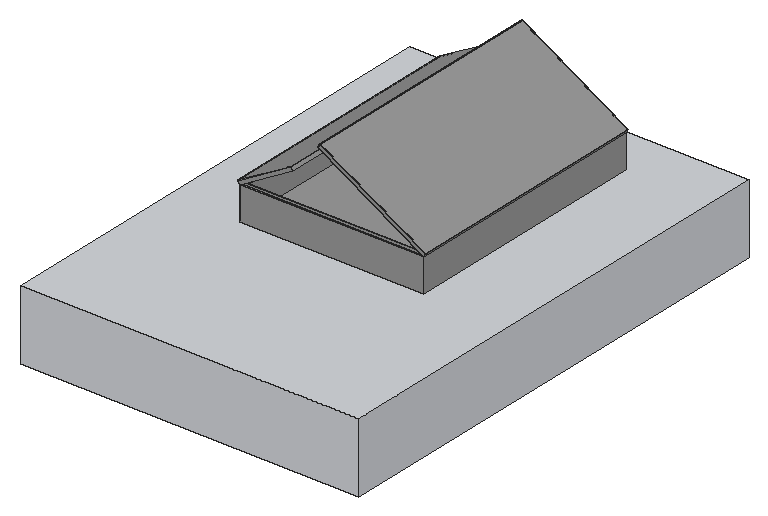
Revit family "Hager-Univers-IP44-D161-H1100-Cl.II-FWQ_encl-AT-de", category Equipement électrique, Revit 2020
Family settings
  Hôte = Face
  Configuration du panneau = Deux colonnes, circuits au sein
  Cote de connecteur circulaire = Utiliser le diamètre
  Type d'élément = Tableau de raccordement
  Couper avec des vides une fois chargée = Non
  Partagée = Non
  Point de calcul de pièce = Non
Parameters (values of type "Aufputz IP44 B800 H1100 T161  - FWQ73P")
  Width Control [instance] = if([EF000008 - Breite] > Min Width, [EF000008 - Breite], Min Width)  # 800 mm
  Commentaires du type = [HG000003 - Bereich]  # "Univers"
  Thickness Door [instance] = if([EF009171 - Materialstärke Tür/Deckel] > 3 mm, 3 mm, [EF009171 - Materialstärke Tür/Deckel])  # 2 mm
  Seal Frame Offset [instance] = 17 mm  # constant formula
  Plinth Visibility [instance] = [HG000027 - Sockelhöhe] > 0 mm  # no
  Model = ""
  Min Width [instance] = 100 mm  # constant formula
  Min Height [instance] = 100 mm  # constant formula
  Min Depth [instance] = (2 * [EF009170 - Materialstärke Gehäuse]) + 1 mm  # 5 mm
  Internal Frame Depth [instance] = (Door System Depth * 0.5)  # 9 mm
  Height Control [instance] = if([EF000040 - Höhe] > Min Height, [EF000040 - Höhe], Min Height)  # 1100 mm
  HG000027 - Sockelhöhe = 0 mm
  HG000026 - Stehend auf dem Boden = no
  HG000024 - Höhe des unteren Teils = 800 mm
  HG000023 - Gehäuse mit doppeltem Querschnitt = no
  HG000016 - 3D-Türsichtbarkeit [instance] = yes
  HG000015 - Sichtbarkeit der Türöffnung [instance] = no
  HG000014 - Tür rechts [instance] = yes
  HG000013 - Tür links [instance] = not([HG000014 - Tür rechts])  # no
  HG000012 - Türschwenkwinkel [instance] = 30.00°
  HG000010 - Asymmetrische Türen = yes
  HG000009 - Doppelflügeligen Tür = yes
  HG000006 - Unterputz = no
  HG000004 - Herstellerreferenz = "FWQ73P"
  HG000003 - Bereich = "Univers"
  HG000002 - Mit tür = yes
  Frame Offset Bottom [instance] = 10 mm  # constant formula
  Frame Offset [instance] = 15 mm  # constant formula
  EF015940 - Deckel mit Überdruckentlastung = no
  EF011959 - Schutzart (NEMA) = ""
  EF009554 - Anzahl der Öffnungen für Flanschplatten = 6
  Fabricant = "Hager"  # constant formula
  EF009212 - Ausführung Deckel = "EV009916 - mit Ausschnitt"
  EF009171 - Materialstärke Tür/Deckel = 2 mm
  EF009170 - Materialstärke Gehäuse = 2 mm
  EF008873 - Nennstrom (In) = 125 A
  EF007800 - Geeignet für Blitzschutz = no
  EF006306 - Mit Schloss = no
  EF006244 - Transparenter Deckel/Tür = no
  EF005474 - Schutzart (IP) = "EV006418 - IP44"
  EF004464 - Art der Tür = "EV002646 - Einzel"
  EF004427 - Anzahl der Module = 252
  EF004293 - Schlagfestigkeit = "EV006815 - IK09"
  EF003532 - Geeignet für Außengebrauch = no
  EF002950 - Breite in Teilungseinheiten = 12
  EF001613 - Funktionserhalt = "EV000494 - ohne"
  EF001596 - Werkstoff des Gehäuses = "EV000179 - Stahl"
  EF001131 - Innentiefe = 161 mm
  EF001088 - Anbaumöglichkeit = yes
  EF000437 - Anzahl der Leitungseinführungen = 12
  EF000339 - Art der Abdeckung = "EV001012 - Deckel"
  EF000266 - Anzahl der Reihen = 21
  EF000218 - Einbautiefe = 0 mm
  EF000118 - Mit Montageplatte = yes
  EF000116 - RAL-Nummer = "9010"
  EF000049 - Tiefe = 161 mm
  EF000040 - Höhe = 1100 mm
  EF000008 - Breite = 800 mm
  EF000007 - Farbe = "EV000202 - weiß"
  EF000003 - Montageart = "EV000384 - Aufputz"
  Door System Leaf Tolerance [instance] = 1.5 mm  # constant formula
  Door System Depth [instance] = 18 mm  # constant formula
  Door Height [instance] = Height Control - [HG000027 - Sockelhöhe]  # 1100 mm
  Depth Control [instance] = if([EF000049 - Tiefe] > Min Depth, [EF000049 - Tiefe], Min Depth)  # 161 mm
  Default Elevation = 0 mm
  Connector Offset [instance] = Height Control / 2  # 550 mm
  Bottom Top Plate Trim [instance] = 1.5 mm  # constant formula
  Plinth height Ctrl [instance] = if([HG000027 - Sockelhöhe] > 0 mm, [HG000027 - Sockelhöhe], 12 mm)  # 12 mm
Types (4, lengths in mm): name | Width Control | HG000010 - Asymmetrische Türen | HG000009 - Doppelflügeligen Tür | HG000004 - Herstellerreferenz | EF009554 - Anzahl der Öffnungen für Flanschplatten | EF004427 - Anzahl der Module | EF000437 - Anzahl der Leitungseinführungen | EF000266 - Anzahl der Reihen | EF000008 - Breite
  Aufputz IP44 B1050 H1100 T161  - FWQ74P | 1050 | no | yes | "FWQ74P" | 8 | 336 | 16 | 28 | 1050
  Aufputz IP44 B300 H1100 T161  - FWQ71P | 300 | no | no | "FWQ71P" | 2 | 84 | 4 | 1 | 300
  Aufputz IP44 B550 H1100 T161  - FWQ72P | 550 | no | no | "FWQ72P" | 4 | 168 | 8 | 14 | 550
  Aufputz IP44 B800 H1100 T161  - FWQ73P | 800 | yes | yes | "FWQ73P" | 6 | 252 | 12 | 21 | 800
Reference planes
  plane 1 "Center (Front/Back)": y = 0
  plane 2: z = 0
  plane 3 "Center (Left/Right)": x = 0
  plane 4: z = 161
  plane 5: y = 2
  plane 6: y = 550
  plane 7: y = 0
  plane 8: y = 1100
  plane 9: z = 0
  plane 10: x = -385
  plane 11: x = 385
  plane 12: x = 383
  plane 13: x = -383
  plane 14: y = 1098
  plane 15: x = -383
  plane 16: x = -400
  plane 17: x = 383
  plane 18: x = 400
  plane 19: x = 398
  plane 20: x = -398
  plane 21: y = 12
  plane 22: y = 1100
  plane 23: y = 1083
  plane 24: z = 143
  plane 25: z = 2
  plane 26: z = 141
  plane 27: z = 159
Forms (mm)
  Extrusion 1, solid
    sketch origin (0, 0, 0) x (1, 0, 0) y (0, 1, 0)
      loop
        line (-702.964, 1305) -> (-702.964, -811.445) -> (766.763, -811.445) -> (766.763, 1305) -> (-702.964, 1305)
    from 0 to -304.8
  Extrusion 2, solid, material "Hager_Steel_RAL7035_Light_Grey", visible <- "Plinth Visibility", detail levels medium+fine
    sketch origin (0, 0, 0) x (1, 0, 0) y (0, 1, 0)
      loop
        line (-400, 0) -> (400, 0) -> (400, 12) -> (-400, 12) -> (-400, 0)
    from 0 to 143
  Extrusion 3, solid, material "Hager_Steel_RAL7035_Light_Grey", detail levels medium+fine
    sketch origin (0, 0, 0) x (1, 0, 0) y (0, 1, 0)
      loop
        line (-400, 0) -> (400, 0) -> (400, 1100) -> (-400, 1100) -> (-400, 0)
    from 0 to 143
  Extrusion 4, void
    sketch origin (0, 0, 0) x (1, 0, 0) y (0, 1, 0)
      loop
        line (-398, 2) -> (398, 2) -> (398, 1098) -> (-398, 1098) -> (-398, 2)
    from 2 to 141
  Extrusion 5, void
    sketch origin (-381.607, -4572, 143) x (0, -1, 0) y (-1, 0, 0)
      loop
        line (-4584, 1.393) -> (-5655, 1.393) -> (-5655, -764.607) -> (-4584, -764.607) -> (-4584, 1.393)
    from 0 to 2 <- "EF009170 - Materialstärke Gehäuse"
  Extrusion 6, solid, material "Hager_Steel_RAL7035_Light_Grey", detail levels fine
    sketch origin (0, 0, 143) x (1, 0, 0) y (0, 1, 0)
      loop
        line (-383, 1083) -> (-383, 12) -> (383, 12) -> (383, 1083) -> (-383, 1083)
      loop
        line (-385, 10) -> (385, 10) -> (385, 1085) -> (-385, 1085) -> (-385, 10)
    from 0 to 9 <- "Internal Frame Depth"
  Extrusion 7, solid, material "Hager_Steel_RAL7035_Light_Grey", detail levels coarse
    sketch origin (0, 0, 0) x (1, 0, 0) y (0, 1, 0)
      loop
        line (-400, 0) -> (400, 0) -> (400, 1100) -> (-400, 1100) -> (-400, 0)
    from 0 to 161
  Sweep 8, void
    path in 3D
      loop
        line (-400, 12, 0) -> (400, 12, 0) -> (400, 12, 143) -> (-400, 12, 143) -> (-400, 12, 0)
    profile origin (-400, 12, 71.5) x (-1, 0, 0) y (0, -1, 0)
      loop
        line (0, 0) -> (0, 1.5) -> (-1.5, 1.5)
        arc (-1.5, 1.5) -> (-1.061, 0.439) -> (0, 0) r 1.5
Cuts and joins
  Extrusion 4, Extrusion 5 cuts Extrusion 3
  Sweep 8 cuts Extrusion 2
Lines and regions (mm)
  Masking region 1
    outline origin (0, 0, 0) x (1, 0, 0) y (0, 0, 1)
      loop
        line (-400, 161) -> (-400, 0) -> (400, 0) -> (400, 161) -> (-400, 161)
  Masking region 2, detail levels medium+fine
    outline origin (0, 140, 0) x (0, 1, 0) y (0, 0, 1)
      loop
        line (-140, 0) -> (960, 0) -> (960, 143) -> (-140, 143) -> (-140, 0)
  Masking region 3, not visible, detail levels medium+fine
    outline origin (0, 297.922, 0) x (0, 1, 0) y (0, 0, 1)
      loop
        line (263.578, 0) -> (303.578, 0) -> (303.578, 149)
        arc (303.578, 149) -> (300.649, 156.071) -> (293.578, 159) r 10
        line (293.578, 159) -> (263.578, 159) -> (263.578, 0)
  Masking region 4, detail levels coarse
    outline origin (0, 0, 180) x (0, 1, 0) y (0, 0, 1)
      loop
        line (0, -180) -> (1100, -180) -> (1100, -19) -> (0, -19) -> (0, -180)
  Masking region 5, visible <- "Plinth Visibility", detail levels medium+fine
    outline origin (0, 52.24, 12.345) x (0, 0, -1) y (0, 1, 0)
      loop
        line (10.845, -40.24) -> (-129.155, -40.24)
        arc (-129.155, -40.24) -> (-129.594, -41.301) -> (-130.655, -41.74) r 1.5
        line (-130.655, -41.74) -> (-130.655, -52.24) -> (12.345, -52.24) -> (12.345, -41.74)
        arc (12.345, -41.74) -> (11.285, -41.301) -> (10.845, -40.24) r 1.5
  Masking region 6, detail levels medium+fine
    outline origin (-381.607, -4572, 143) x (-1, 0, 0) y (0, -1, 0)
      loop
        line (18.393, -5672) -> (18.393, -4572) -> (-781.607, -4572) -> (-781.607, -5672) -> (18.393, -5672)
  Masking region 7, visible <- "Plinth Visibility", detail levels medium+fine
    outline origin (-381.607, -4727, 143) x (-1, 0, 0) y (0, -1, 0)
      loop
        arc (16.893, -4739) -> (17.332, -4737.939) -> (18.393, -4737.5) r 1.5
        line (18.393, -4737.5) -> (18.393, -4727) -> (-781.607, -4727) -> (-781.607, -4737.5)
        arc (-781.607, -4737.5) -> (-780.546, -4737.939) -> (-780.107, -4739) r 1.5
        line (-780.107, -4739) -> (16.893, -4739)
  Masking region 8, detail levels coarse
    outline origin (-442.548, -4669.526, 143) x (-1, 0, 0) y (0, -1, 0)
      loop
        line (-42.548, -5769.526) -> (-42.548, -4669.526) -> (-842.548, -4669.526) -> (-842.548, -5769.526) -> (-42.548, -5769.526)
  sketch lines
    curve 1: line (-400, 12, 143) -> (-400, 12, 0)
    curve 2: line (400, 12, 143) -> (-400, 12, 143)
    curve 3: line (400, 12, 143) -> (400, 12, 0)
    curve 4: line (-400, 12, 0) -> (400, 12, 0)
Dimensions and locks
  "Depth Control": plane 4 to Extrusion 1
  "HG000027 - Sockelhöhe": plane 1 "Center (Front/Back)" to plane 7
  "EF009170 - Materialstärke Gehäuse": plane 5 to plane 7
  locked: connector elem to plane 3 "Center (Left/Right)"
  equal spacing: plane 8, plane 6, plane 7
  locked: connector elem to plane 6
  "EF009170 - Materialstärke Gehäuse": plane 8 to plane 14
  "EF009170 - Materialstärke Gehäuse": plane 10 to plane 13
  "EF009170 - Materialstärke Gehäuse": plane 12 to plane 11
  "Frame Offset": plane 20 to plane 13
  "Frame Offset": plane 12 to plane 19
  "EF009170 - Materialstärke Gehäuse": plane 16 to plane 20
  "EF009170 - Materialstärke Gehäuse": plane 19 to plane 18
  "Seal Frame Offset": plane 16 to plane 15
  "Seal Frame Offset": plane 17 to plane 18
  "Frame Offset Bottom": plane 21 to plane 5
  "Frame Offset": plane 14 to plane 23
  equal spacing: plane 16, plane 3 "Center (Left/Right)", plane 18
  "Width Control": plane 16 to plane 18
  "EF009170 - Materialstärke Gehäuse": plane 4 to plane 27
  "EF009170 - Materialstärke Gehäuse": plane 24 to plane 26
  "EF009170 - Materialstärke Gehäuse": plane 25 to level
  "Door System Depth": plane 4 to plane 24
  "Height Control": plane 1 "Center (Front/Back)" to Extrusion 7 sketch curve
  "Height Control": Masking region 4 sketch curve to plane 1 "Center (Front/Back)"
  "Height Control": plane 1 "Center (Front/Back)" to plane 22
  "Bottom Top Plate Trim": profile plane to Sweep 8 sketch curve
  "Bottom Top Plate Trim": Sweep 8 sketch curve to profile plane
  "Plinth height Ctrl": plane 1 "Center (Front/Back)" to Extrusion 2 sketch curve
  "Plinth height Ctrl": Masking region 5 sketch curve to plane 1 "Center (Front/Back)"
  "Plinth height Ctrl": plane 1 "Center (Front/Back)" to Masking region 7 sketch curve
  "Thickness Door": Extrusion 6 sketch curve to Extrusion 6 sketch curve  (x3)
  "Thickness Door": cut or joined group of Extrusion 3, Extrusion 4, Extrusion 5 to Extrusion 6 sketch curve
  radius of Masking region 3 sketch curve = 10 mm
  "Bottom Top Plate Trim": radius of Masking region 5 sketch curve  (x2)
  "Bottom Top Plate Trim": radius of Sweep 8 sketch curve
  "Bottom Top Plate Trim": radius of Masking region 7 sketch curve  (x2)
  aligned and locked: plane 2 to Extrusion 1
  aligned and locked: level to Extrusion 1
  aligned and locked: level to Masking region 1 sketch curve
  aligned and locked: Masking region 1 sketch curve to plane 18
  aligned and locked: Masking region 1 sketch curve to plane 16
  aligned and locked: plane 7 to Masking region 2 sketch curve
  aligned and locked: level to Masking region 3 sketch curve
  aligned and locked: Masking region 3 sketch curve to plane 27
  aligned and locked: level to Masking region 2 sketch curve
  aligned and locked: plane 1 "Center (Front/Back)" to Extrusion 2 sketch curve
  aligned and locked: Extrusion 3 sketch curve to plane 7
  aligned and locked: plane 16 to Extrusion 3 sketch curve
  aligned and locked: plane 18 to Extrusion 3 sketch curve
  aligned and locked: plane 20 to Extrusion 4 sketch curve
  aligned and locked: plane 19 to Extrusion 4 sketch curve
  aligned and locked: Extrusion 4 sketch curve to plane 5
  aligned and locked: Extrusion 4 to plane 25
  aligned and locked: plane 26 to Extrusion 4
  aligned and locked: plane 24 to Extrusion 3
  aligned and locked: Extrusion 5 sketch curve to plane 21
  aligned and locked: Extrusion 5 sketch curve to plane 13
  aligned and locked: Extrusion 5 sketch curve to plane 12
  aligned and locked: plane 18 to Extrusion 7 sketch curve
  aligned and locked: plane 1 "Center (Front/Back)" to Extrusion 7 sketch curve
  aligned and locked: plane 16 to Extrusion 7 sketch curve
  aligned and locked: plane 4 to Extrusion 7
  aligned and locked: Extrusion 7 to level
  aligned and locked: level to Masking region 4 sketch curve
  aligned and locked: Masking region 4 sketch curve to plane 1 "Center (Front/Back)"
  aligned and locked: Masking region 4 sketch curve to plane 4
  aligned and locked: nested 1 to level
  aligned and locked: nested 1 to plane 16
  aligned and locked: plane 8 to Extrusion 3 sketch curve
  aligned and locked: plane 23 to Extrusion 5 sketch curve
  aligned and locked: plane 14 to Extrusion 4 sketch curve
  aligned and locked: Masking region 2 sketch curve to plane 8
  aligned and locked: level to Masking region 5 sketch curve
  aligned and locked: plane 16 to Extrusion 2 sketch curve
  aligned and locked: plane 18 to Extrusion 2 sketch curve
  aligned and locked: Masking region 5 sketch curve to plane 24
  aligned and locked: Masking region 2 sketch curve to plane 24
  aligned and locked: plane 24 to Extrusion 2
  aligned and locked: profile plane to Sweep 8 sketch curve  (x2)
  aligned and locked: Masking region 6 sketch curve to plane 18
  aligned and locked: Masking region 6 sketch curve to plane 22
  aligned and locked: Masking region 6 sketch curve to plane 16
  aligned and locked: plane 8 to plane 22
  aligned and locked: Masking region 6 sketch curve to plane 7
  aligned and locked: Masking region 7 sketch curve to plane 16
  aligned and locked: Masking region 7 sketch curve to plane 1 "Center (Front/Back)"
  aligned and locked: Masking region 7 sketch curve to plane 18
  aligned and locked: Masking region 8 sketch curve to plane 1 "Center (Front/Back)"
  aligned and locked: Masking region 8 sketch curve to plane 18
  aligned and locked: Masking region 8 sketch curve to plane 22
  aligned and locked: Masking region 8 sketch curve to plane 16
  aligned and locked: nested 2 to plane 7
  aligned and locked: plane 3 "Center (Left/Right)" to nested 2
  aligned and locked: nested 2 to plane 24
  aligned and locked: Extrusion 6 sketch curve to cut or joined group of Extrusion 3, Extrusion 4, Extrusion 5  (x4)
Automatic sketch dimensions
  Extrusion 1 sketch curve to Extrusion 1 sketch curve = 1469.727 mm
  Extrusion 1 sketch curve to Extrusion 1 sketch curve = 2116.445 mm
  Masking region 1 sketch curve to plane 4 = 0 mm
  plane 6 to Masking region 3 sketch curve = 11.5 mm
  Masking region 3 sketch curve to Masking region 3 sketch curve = 30 mm
  Masking region 5 sketch curve to plane 1 "Center (Front/Back)" = 0 mm
Nested families
  nested 1: "Hager_Enclosure_Symbol" at (-400, 0, 0) x (1, 0, 0) z (0, -1, 0), Height <- "Depth Control", Width <- "Width Control", type "Hager_Enclosure_Symbol"
    with Width_Ctrl 800 mm, Width 800 mm, Height_Ctrl 161 mm, Height 161 mm, A_Width_Int 10.566 mm, A_Width 126.788 mm, A_Height_Ctrl 140.875 mm, A_Height 140.875 mm
  nested 2: "EC000058_Univers_Door" at (0, 0, 143) x (1, 0, 0) z (0, 1, 0), Leaf_Tolerance <- "Door System Leaf Tolerance", Angle <- "HG000012 - Türschwenkwinkel", Door_Depth <- "Door System Depth", Door_Left <- "HG000013 - Tür links", Transparent <- "EF006244 - Transparenter Deckel/Tür", Assymetrical <- "HG000010 - Asymmetrische Türen", Width <- "Width Control", Clearance <- "HG000015 - Sichtbarkeit der Türöffnung", Double <- "HG000009 - Doppelflügeligen Tür", 3d_Door <- "HG000016 - 3D-Türsichtbarkeit", Lock_Visibility <- "EF006306 - Mit Schloss", Width_Ctrl <- "Width Control", Door_Right <- "HG000014 - Tür rechts", Door <- "HG000002 - Mit tür", Height <- "Door Height", Thickness <- "Thickness Door", type "EC000058_Univers_Door", detail levels medium+fine
    with min_wh 5 mm, Width_Ctrl 800 mm, Width 800 mm, Transparent no, Thickness 2 mm, Seal_Material Hager_Rubber, Lock_Visibility no, Lock_Material Hager_Plastic_RAL9005_Jet_Black, Leaf_Width 800 mm, Leaf_Tolerance_External_Sides 0 mm, Leaf_Tolerance 1.5 mm, Leaf_Offset 0 mm, Leaf_Height 1097 mm, Leaf_2_Width 532.583 mm, Leaf_2_Offset 266.292 mm, Leaf_1_Width 265.917 mm, Leaf_1_Offset 132.958 mm, Height_Ctrl 1100 mm, Height 1100 mm, Glass_Material Hager_Glass, Double_Clearance_Ctrl no, Double yes, Door_Right_Ctrl yes, Door_Right yes, Door_Material Hager_Steel_RAL7035_Light_Grey, Door_Left_Ctrl yes, Door_Left no, Door_Depth 18 mm, Door yes, Clearance_Material Hager_Clearance, Clearance_Depth 532.583 mm, Clearance_Ctrl no, Clearance no, Assymetrical yes, Angle 30.00°, 3d_Door yes
Connectors
  electrical at (0, 550, 0)
    settings: on plane 9, index 1, voltage 0 V, apparent load 0 VA, apparent load phase1 0 VA, apparent load phase2 0 VA, apparent load phase3 0 VA, power factor 1, load classification "Other", number of poles 1, system type 30, power factor state 1, is connector primary yes, connector utility no, sub classification motor no, connector description ""
Definition of nested family "EC000058_Univers_Door"
  Parameters (values of type "EC000058_Univers_Door")
    min_wh [instance] = (2 * Thickness) + 1 mm  # 11 mm
    Width_Ctrl [instance] = 400 mm
    Width [instance] = 500 mm
    Transparent [instance] = yes
    Thickness [instance] = 5 mm
    Seal_Material [instance] = none
    Lock_Visibility [instance] = yes
    Lock_Material [instance] = none
    Leaf_Width [instance] = if((Width_Ctrl - 2 * Leaf_Tolerance_External_Sides) > 0 mm, (Width_Ctrl - 2 * Leaf_Tolerance_External_Sides), min_wh)  # 400 mm
    Leaf_Tolerance_External_Sides [instance] = 0 mm  # constant formula
    Leaf_Tolerance [instance] = 1.5 mm
    Leaf_Offset [instance] = 0 mm  # constant formula
    Leaf_Height [instance] = if((Height_Ctrl - 2 * Leaf_Tolerance) > 0 mm, (Height_Ctrl - 2 * Leaf_Tolerance), min_wh)  # 497 mm
    Leaf_2_Width [instance] = if(and(and(Double, Assymetrical), Door_Left), (Leaf_Width / 3) - (Leaf_Tolerance / 2), if(and(and(Double, Assymetrical), Door_Right), (Leaf_Width / 3) * 2 - (Leaf_Tolerance / 2), if(and(Double, not(Assymetrical)), (Leaf_Width / 2) - Leaf_Tolerance, Leaf_Width)))  # 400 mm
    Leaf_2_Offset [instance] = if(and(Double, Assymetrical), Leaf_2_Width / 2, if(and(Double, not(Assymetrical)), Leaf_Width / 4, Leaf_Width / 2))  # 200 mm
    Leaf_1_Width [instance] = if(and(and(Double, Assymetrical), Door_Right), (Leaf_Width / 3) - (Leaf_Tolerance / 2), if(and(and(Double, Assymetrical), Door_Left), (Width / 3) * 2 - (Leaf_Tolerance / 2), if(and(Double, not(Assymetrical)), (Leaf_Width / 2) - Leaf_Tolerance, Leaf_Width)))  # 400 mm
    Leaf_1_Offset [instance] = if(and(Double, Assymetrical), Leaf_1_Width / 2, if(and(Double, not(Assymetrical)), Leaf_Width / 4, Leaf_Width / 2))  # 200 mm
    Height_Ctrl [instance] = if(Height > min_wh, Height, min_wh)  # 500 mm
    Height [instance] = 500 mm
    Glass_Material [instance] = none
    Double_Clearance_Ctrl [instance] = and(Double, Clearance)  # no
    Double [instance] = no
    Door_Right_Ctrl [instance] = and(or(Door_Right, Double), Door)  # yes
    Door_Right [instance] = yes
    Door_Material [instance] = none
    Door_Left_Ctrl [instance] = and(or(Door_Left, Double), Door)  # no
    Door_Left [instance] = no
    Door_Depth [instance] = 30 mm
    Door [instance] = yes
    Default Elevation = 1219.2 mm
    Clearance_Material [instance] = none
    Clearance_Depth [instance] = if(Leaf_1_Width > Leaf_2_Width, Leaf_1_Width, Leaf_2_Width)  # 400 mm
    Clearance_Ctrl [instance] = and(not(Double), Clearance)  # yes
    Clearance [instance] = yes
    Assymetrical [instance] = yes
    Angle [instance] = 30.00°
    3d_Door [instance] = yes
  Reference planes
    plane 1 "Center (Front/Back)": y = 0
    plane 2 "Bottom": z = 0
    plane 3 "Center (Left/Right)": x = 0
    plane 4: z = 500
    plane 5: x = -200
    plane 6: x = 200
    plane 7: z = 500
    plane 8: x = -200
    plane 9: z = 0
    plane 10: x = 200
    plane 11: y = 0
    plane 12: z = 1.5
    plane 13: x = -600
    plane 14: y = -400
    plane 15: x = 600
    plane 16: x = 0
    plane 17: x = 0
    plane 18: x = -200
    plane 19: x = 200
    plane 20: z = 498.5
  Forms (mm)
    Extrusion 1, solid, material <- "Clearance_Material", visible <- "Double_Clearance_Ctrl"
      sketch origin (1200, 0, 0) x (1, 0, 0) y (0, 0, -1)
        loop
          line (-1800, -498.5) -> (-600, -498.5) -> (-600, 0) -> (-1800, 0) -> (-1800, -498.5)
      from 0 to -400
  Dimensions and locks
    equal spacing: plane 5, plane 3 "Center (Left/Right)", plane 6
    "Width_Ctrl": plane 5 to plane 6
    "Leaf_Offset": plane 5 to plane 8
    "Leaf_Offset": plane 6 to plane 10
    "Leaf_Offset": plane 9 to level
    "Leaf_Offset": plane 4 to plane 7
    "Height_Ctrl": plane 4 to level
    "Leaf_Tolerance": plane 12 to plane 9
    locked: plane 11 to plane 1 "Center (Front/Back)"
    "Leaf_1_Offset": plane 18 to plane 16
    "Leaf_2_Offset": plane 17 to plane 19
    "Leaf_1_Width": plane 13 to plane 8
    "Leaf_2_Width": plane 10 to plane 15
    "Clearance_Depth": plane 14 to plane 1 "Center (Front/Back)"
    "Leaf_Tolerance_External_Sides": plane 8 to plane 18
    "Leaf_Tolerance_External_Sides": plane 19 to plane 10
    "Leaf_Tolerance": plane 7 to plane 20
    aligned and locked: level to plane 2 "Bottom"
    aligned and locked: nested 1 to plane 16
    aligned and locked: nested 2 to plane 17
    aligned and locked: Extrusion 1 to plane 13
    aligned and locked: plane 15 to Extrusion 1
    aligned and locked: Extrusion 1 to plane 14
    aligned and locked: plane 12 to nested 1
    aligned and locked: nested 2 to plane 12
    aligned and locked: Extrusion 1 to plane 11
    aligned and locked: plane 20 to Extrusion 1
    aligned and locked: nested 2 to plane 11
    aligned and locked: nested 1 to plane 11
  Automatic sketch dimensions
    Extrusion 1 sketch curve to level = 0 mm
    plane 5 to Extrusion 1 sketch curve = 400 mm
    plane 6 to Extrusion 1 sketch curve = 400 mm
    Extrusion 1 sketch curve to plane 4 = 1.5 mm
  Nested families
    nested 1: "EC000058_Univers_Door_Leaf" at (0, 0, 1.5), Width <- "Leaf_1_Width", visible <- "Door_Left_Ctrl", Leaf_Height <- "Leaf_Height", Angle <- "Angle", 3d_Door <- "3d_Door", Transparent <- "Transparent", Clearance Material <- "Clearance_Material", Clearance <- "Clearance_Ctrl", Door_Material <- "Door_Material", Glass_Material <- "Glass_Material", Door_Depth <- "Door_Depth", Lock_Material <- "Lock_Material", Seal_Material <- "Seal_Material", Lock_Visibility <- "Lock_Visibility", Thickness <- "Thickness", type "EC000058_Univers_Door_Leaf"
      with Width 400 mm, Transparent_Glass_Offset 30 mm, Transparent_Ctrl yes, Transparent yes, Thickness 5 mm, Standard no, Seal_Material none, Seal_D2 8 mm, Seal_D1 1 mm, Offset_Internal_Frame 10 mm, Lock_Width 20 mm, Lock_Visibility_3d yes, Lock_Visibility yes, Lock_Thickness_3 3 mm, Lock_Thickness_2 1 mm, Lock_Thickness_1 3 mm, Lock_Radius_Offset_2 16 mm, Lock_Radius_Offset_1 15 mm, Lock_Radius_2 5 mm, Lock_Radius 6 mm, Lock_Offset 5 mm, Lock_Material none, Lock_Height 80 mm, Lock_Cover_Top_Offset_2d 17 mm, Lock_Cover_Height -65 mm, Leaf_Height 497 mm, Internal_Seal_Thickness 8 mm, Internal_Seal_Depth_2 4.5 mm, Internal_Frame_Depth 25 mm, Glass_Thickness -1 mm, Glass_Offset -2 mm, Glass_Material none, Door_Material none, Door_Depth 30 mm, Clearance Material none, Clearance yes, Angle_Ctrl 30.00°, Angle 30.00°, 3d_Door yes
    nested 2: "EC000058_Univers_Door_Leaf" at (0, 0, 1.5) x (-1, 0, 0) z (0, 0, 1), Width <- "Leaf_2_Width", visible <- "Door_Right_Ctrl", Leaf_Height <- "Leaf_Height", Angle <- "Angle", 3d_Door <- "3d_Door", Transparent <- "Transparent", Clearance Material <- "Clearance_Material", Clearance <- "Clearance_Ctrl", Door_Material <- "Door_Material", Glass_Material <- "Glass_Material", Door_Depth <- "Door_Depth", Lock_Material <- "Lock_Material", Seal_Material <- "Seal_Material", Lock_Visibility <- "Lock_Visibility", Thickness <- "Thickness", type "EC000058_Univers_Door_Leaf"
      with Width 400 mm, Transparent_Glass_Offset 30 mm, Transparent_Ctrl yes, Transparent yes, Thickness 5 mm, Standard no, Seal_Material none, Seal_D2 8 mm, Seal_D1 1 mm, Offset_Internal_Frame 10 mm, Lock_Width 20 mm, Lock_Visibility_3d yes, Lock_Visibility yes, Lock_Thickness_3 3 mm, Lock_Thickness_2 1 mm, Lock_Thickness_1 3 mm, Lock_Radius_Offset_2 16 mm, Lock_Radius_Offset_1 15 mm, Lock_Radius_2 5 mm, Lock_Radius 6 mm, Lock_Offset 5 mm, Lock_Material none, Lock_Height 80 mm, Lock_Cover_Top_Offset_2d 17 mm, Lock_Cover_Height -65 mm, Leaf_Height 497 mm, Internal_Seal_Thickness 8 mm, Internal_Seal_Depth_2 4.5 mm, Internal_Frame_Depth 25 mm, Glass_Thickness -1 mm, Glass_Offset -2 mm, Glass_Material none, Door_Material none, Door_Depth 30 mm, Clearance Material none, Clearance yes, Angle_Ctrl 30.00°, Angle 30.00°, 3d_Door yes
  Definition of nested family "EC000058_Univers_Door_Leaf"
    Parameters (values of type "EC000058_Univers_Door_Leaf")
      Width [instance] = 2000 mm
      Transparent_Glass_Offset [instance] = 30 mm
      Transparent_Ctrl [instance] = and(Transparent, [3d_Door])  # yes
      Transparent [instance] = yes
      Thickness [instance] = 5 mm
      Standard [instance] = and(not(Transparent), [3d_Door])  # no
      Seal_Material [instance] = none
      Seal_D2 [instance] = 8 mm  # constant formula
      Seal_D1 [instance] = 1 mm  # constant formula
      Offset_Internal_Frame [instance] = 10 mm  # constant formula
      Lock_Width [instance] = 20 mm  # constant formula
      Lock_Visibility_3d [instance] = and(Lock_Visibility, [3d_Door])  # yes
      Lock_Visibility [instance] = yes
      Lock_Thickness_3 [instance] = 3 mm  # constant formula
      Lock_Thickness_2 [instance] = 1 mm  # constant formula
      Lock_Thickness_1 [instance] = 3 mm  # constant formula
      Lock_Radius_Offset_2 [instance] = Lock_Radius_Offset_1 + 1 mm  # 16 mm
      Lock_Radius_Offset_1 [instance] = 15 mm  # constant formula
      Lock_Radius_2 [instance] = Lock_Radius - 1 mm  # 5 mm
      Lock_Radius [instance] = 6 mm  # constant formula
      Lock_Offset [instance] = 5 mm  # constant formula
      Lock_Material [instance] = none
      Lock_Height [instance] = 80 mm  # constant formula
      Lock_Cover_Top_Offset_2d [instance] = Lock_Radius_Offset_2 + 1 mm  # 17 mm
      Lock_Cover_Height [instance] = -(Lock_Height - Lock_Radius_Offset_1)  # -65 mm
      Leaf_Height [instance] = 2720.336 mm
      Internal_Seal_Thickness [instance] = 8 mm  # constant formula
      Internal_Seal_Depth_2 [instance] = 4.5 mm  # constant formula
      Internal_Frame_Depth [instance] = if(Door_Depth - Thickness > 5 mm, Door_Depth - Thickness, 5 mm)  # 25 mm
      Glass_Thickness [instance] = if(Thickness > 15 mm, Glass_Offset + 10 mm, -1 mm)  # -1 mm
      Glass_Offset [instance] = if(Thickness > 15 mm, -(Thickness + 10 mm) / 2, -2 mm)  # -2 mm
      Glass_Material [instance] = none
      Door_Material [instance] = none
      Door_Depth [instance] = 30 mm
      Default Elevation = 0 mm
      Clearance Material [instance] = none
      Clearance [instance] = yes
      Angle_Ctrl [instance] = if(Angle > 180.00°, 180.00°, Angle)  # 90.00°
      Angle [instance] = 90.00°
      3d_Door [instance] = yes
    Reference planes
      plane 1 "Center (Front/Back)": y = 0
      plane 2: z = 0
      plane 3 "Center (Left/Right)": x = 0
      plane 4: y = 2000
      plane 5: x = -1000
      plane 6: x = 1000
      plane 7: x = -3000
      plane 8: z = 2720.336
      plane 9: z = 30
      plane 10: z = 2690.336
      plane 11: x = 970
      plane 12: x = -970
      plane 13: y = -3
      plane 14: z = 107.833
      plane 15: y = -5
      plane 16: y = -223.314
      plane 17: x = -1000
      plane 18: z = 1360.168
      plane 19: y = 30
    Forms (mm)
      Extrusion 1, solid, material <- "Clearance Material", visible <- "Clearance"
        sketch origin (0, 0, 0) x (1, 0, 0) y (0, 0, 1)
          loop
            line (-3000, 2720.336) -> (-3000, 0) -> (1000, 0) -> (1000, 2720.336) -> (-3000, 2720.336)
        from 0 to -2000
      Extrusion 2, solid, material <- "Door_Material", visible <- "Standard", detail levels medium+fine
        sketch origin (-1000, 0, 0) x (0, 1, 0) y (-1, 0, 0)
          loop
            line (0, 30) -> (0, 25) -> (2000, 25) -> (2000, 30) -> (0, 30)
        from 0 to 2720.336 <- "Leaf_Height"
      Extrusion 3, solid, material <- "Door_Material", visible <- "Transparent_Ctrl", detail levels medium+fine
        sketch origin (-1000, 0, 0) x (0, 1, 0) y (-1, 0, 0)
          loop
            line (0, 25) -> (2000, 25) -> (2000, 30) -> (0, 30) -> (0, 25)
        from 0 to 2720.336 <- "Leaf_Height"
      Extrusion 4, void
        sketch origin (-1025, 2000, 0) x (0, 1, 0) y (0, 0, -1)
          loop
            line (-30, -2690.336) -> (-30, -30) -> (-1970, -30) -> (-1970, -2690.336) -> (-30, -2690.336)
        from 0 to 5 <- "Thickness"
      Sweep 5, solid, material <- "Seal_Material", visible <- "Transparent_Ctrl", detail levels fine
        path in 3D
          loop
            line (-1025, 30, 30) -> (-1025, 30, 2690.336) -> (-1025, 1970, 2690.336) -> (-1025, 1970, 30) -> (-1025, 30, 30)
        profile origin (-1025, 1000, 30) x (1, 0, 0) y (0, 0, 1)
          loop
            line (0, 0) -> (0, -8) -> (1, -8) -> (1, 0) -> (0, 0)
      Extrusion 6, solid, material <- "Glass_Material", visible <- "Transparent_Ctrl", detail levels medium+fine
        sketch origin (-1030, 0, 0) x (0, 1, 0) y (0, 0, -1)
          loop
            line (1970, -2690.336) -> (1970, -30) -> (30, -30) -> (30, -2690.336) -> (1970, -2690.336)
        from -2 <- "Glass_Offset" to -1 <- "Glass_Thickness"
      Extrusion 7, solid, material <- "Door_Material", visible <- "3d_Door", detail levels medium+fine
        sketch origin (-1025, 2000, 0) x (0, -1, 0) y (0, 0, -1)
          loop
            line (0, -2720.336) -> (2000, -2720.336) -> (2000, 0) -> (0, 0) -> (0, -2720.336)
          loop
            line (1995, -5) -> (5, -5) -> (5, -2715.336) -> (1995, -2715.336) -> (1995, -5)
        from 0 to 25 <- "Internal_Frame_Depth"
      Sweep 8, solid, material <- "Seal_Material", visible <- "Transparent_Ctrl", detail levels fine
        path in 3D
          loop
            line (-1025, 0, 0) -> (-1025, 2000, 0) -> (-1025, 2000, 2720.336) -> (-1025, 0, 2720.336) -> (-1025, 0, 0)
        profile origin (-1025, 0, 1360.168) x (1, 0, 0) y (0, 1, 0)
          loop
            line (0, 10) -> (2.975, 10)
            arc (2.975, 10) -> (4.053, 10.447) -> (4.5, 11.525) r 1.525
            line (4.5, 11.525) -> (4.5, 16.527)
            arc (4.5, 16.527) -> (4.069, 17.569) -> (3.027, 18) r 1.473
            line (3.027, 18) -> (0, 18) -> (0, 10)
      Extrusion 9, solid, material <- "Lock_Material", visible <- "Lock_Visibility_3d", detail levels fine
        sketch origin (-1030, 0, 0) x (0, 1, 0) y (0, 0, -1)
          loop
            arc (1993.5, -1400.168) -> (1994.561, -1399.729) -> (1995, -1398.668) r 1.5
            line (1995, -1398.668) -> (1995, -1320.168) -> (1975, -1320.168) -> (1975, -1398.668)
            arc (1975, -1398.668) -> (1975.439, -1399.729) -> (1976.5, -1400.168) r 1.5
            line (1976.5, -1400.168) -> (1993.5, -1400.168)
        from 3 <- "Lock_Thickness_1" to 0
      Blend 10, solid, material <- "Lock_Material", visible <- "Lock_Visibility_3d", detail levels fine
        base sketch origin (-1033, 0, 0) x (0, 1, 0) y (0, 0, -1)
          loop
            line (1975, -1320.168) -> (1975, -1398.668)
            arc (1975, -1398.668) -> (1975.439, -1399.729) -> (1976.5, -1400.168) r 1.5
            line (1976.5, -1400.168) -> (1993.5, -1400.168)
            arc (1993.5, -1400.168) -> (1994.561, -1399.729) -> (1995, -1398.668) r 1.5
            line (1995, -1398.668) -> (1995, -1320.168) -> (1975, -1320.168)
        top sketch origin (-1033, 0, 0) x (0, 1, 0) y (0, 0, -1)
          loop
            line (1976, -1320.168) -> (1976, -1398.668)
            arc (1976, -1398.668) -> (1976.146, -1399.022) -> (1976.5, -1399.168) r 0.5
            line (1976.5, -1399.168) -> (1993.5, -1399.168)
            arc (1993.5, -1399.168) -> (1993.854, -1399.022) -> (1994, -1398.668) r 0.5
            line (1994, -1398.668) -> (1994, -1320.168) -> (1976, -1320.168)
        from 0 to 1 <- "Lock_Thickness_2"
      Blend 11, solid, material <- "Lock_Material", visible <- "Lock_Visibility_3d", detail levels fine
        base sketch origin (-1034, 0, 0) x (0, 1, 0) y (0, 0, -1)
          loop
            line (1978, -1320.168) -> (1978, -1384.168)
            arc (1978, -1384.168) -> (1985, -1391.168) -> (1992, -1384.168) r 7
            line (1992, -1384.168) -> (1992, -1320.168) -> (1978, -1320.168)
        top sketch origin (-1034, 0, 0) x (0, 1, 0) y (0, 0, -1)
          loop
            line (1991, -1320.168) -> (1979, -1320.168) -> (1979, -1383.168)
            arc (1979, -1383.168) -> (1985, -1389.168) -> (1991, -1383.168) r 6
            line (1991, -1383.168) -> (1991, -1320.168)
        from 0 to 3 <- "Lock_Thickness_3"
      Extrusion 12, solid, material <- "Lock_Material", visible <- "Lock_Visibility_3d", detail levels fine
        sketch origin (-1030, 1975, 1320.168) x (1, 0, 0) y (0, -1, 0)
          loop
            line (-7, -19) -> (-7, -1) -> (0, -1) -> (0, 0) -> (-8, 0) -> (-8, -20) -> (0, -20) -> (0, -19) -> (-7, -19)
        from 0 to -65 <- "Lock_Cover_Height"
      Extrusion 13, void
        sketch origin (-1038, 1995, 1320.168) x (-1, 0, 0) y (0, 0, -1)
          loop
            line (-5, -65) -> (0, -65) -> (-5, -60) -> (-5, -65)
        from 0 to 20 <- "Lock_Width"
      Extrusion 14, void
        sketch origin (-1038, 1975, 1320.168) x (0, -1, 0) y (0, 0, -1)
          loop
            circle (-10, -15.995) r 6
          loop
            circle (-10, -15.995) r 5
        from 0 to 2
      Extrusion 15, solid, material <- "Lock_Material", visible <- "Lock_Visibility_3d", detail levels medium
        sketch origin (-1030, 0, 0) x (0, 1, 0) y (0, 0, -1)
          loop
            arc (1993.5, -1400.168) -> (1994.561, -1399.729) -> (1995, -1398.668) r 1.5
            line (1995, -1398.668) -> (1995, -1320.168) -> (1975, -1320.168) -> (1975, -1398.668)
            arc (1975, -1398.668) -> (1975.439, -1399.729) -> (1976.5, -1400.168) r 1.5
            line (1976.5, -1400.168) -> (1993.5, -1400.168)
        from 8 to 0
    Cuts and joins
      Extrusion 4 cuts Extrusion 3
      Extrusion 13, Extrusion 14 cuts Extrusion 9
      Extrusion 14 cuts Blend 11
      Extrusion 13, Extrusion 14 cuts Extrusion 12
      joined: Extrusion 9, Blend 10, Blend 11, Extrusion 12
      Extrusion 14 cuts Extrusion 15
    Lines and regions (mm)
      Masking region 1, visible <- "Lock_Visibility", detail levels fine
        outline origin (0, 0, 0) x (0, 1, 0) y (0, 0, 1)
          loop
            line (30, 1320.168) -> (33, 1320.168) -> (33, 1400.168) -> (30, 1400.168) -> (30, 1320.168)
      Masking region 2, visible <- "Lock_Visibility", detail levels fine
        outline origin (0, 3.143, 0) x (0, 1, 0) y (0, 0, 1)
          loop
            line (29.857, 1354.168) -> (30.857, 1354.168) -> (30.857, 1366.168) -> (29.857, 1366.168) -> (29.857, 1354.168)
      Masking region 3, detail levels medium+fine
        outline origin (0, 0, 0) x (0, 1, 0) y (0, 0, 1)
          loop
            line (0, 0) -> (30, 0) -> (30, 2720.336) -> (0, 2720.336) -> (0, 0)
      Masking region 4, detail levels medium+fine
        outline origin (0, 0, 0) x (1, 0, 0) y (0, 0, 1)
          loop
            line (-1000, 2720.336) -> (-1000, 0) -> (1000, 0) -> (1000, 2720.336) -> (-1000, 2720.336)
      Masking region 5, visible <- "Lock_Visibility", detail levels fine
        outline origin (-47.116, 0, 0) x (1, 0, 0) y (0, 0, 1)
          loop
            arc (1024.616, 1399.168) -> (1023.556, 1398.729) -> (1023.116, 1397.668) r 1.5
            line (1023.116, 1397.668) -> (1023.116, 1320.168) -> (1041.116, 1320.168) -> (1041.116, 1397.668)
            arc (1041.116, 1397.668) -> (1040.677, 1398.729) -> (1039.616, 1399.168) r 1.5
            line (1039.616, 1399.168) -> (1024.616, 1399.168)
      Masking region 6, visible <- "Lock_Visibility", detail levels medium+fine
        outline origin (-25, 0, 0) x (1, 0, 0) y (0, 0, 1)
          loop
            arc (1001.5, 1400.168) -> (1000.439, 1399.729) -> (1000, 1398.668) r 1.5
            line (1000, 1398.668) -> (1000, 1320.168) -> (1020, 1320.168) -> (1020, 1398.668)
            arc (1020, 1398.668) -> (1019.561, 1399.729) -> (1018.5, 1400.168) r 1.5
            line (1018.5, 1400.168) -> (1001.5, 1400.168)
      Masking region 7, visible <- "Lock_Visibility", detail levels fine
        outline origin (-73.735, 0, 0) x (1, 0, 0) y (0, 0, 1)
          loop
            line (1051.735, 1382.168) -> (1065.735, 1382.168) -> (1065.735, 1384.168)
            arc (1065.735, 1384.168) -> (1058.735, 1391.168) -> (1051.735, 1384.168) r 7
            line (1051.735, 1384.168) -> (1051.735, 1382.168)
      Masking region 8, visible <- "Lock_Visibility", detail levels fine
        outline origin (-73.735, 0, 0) x (1, 0, 0) y (0, 0, 1)
          loop
            line (1052.735, 1382.168) -> (1064.735, 1382.168) -> (1064.735, 1383.168)
            arc (1064.735, 1383.168) -> (1058.735, 1389.168) -> (1052.735, 1383.168) r 6
            line (1052.735, 1383.168) -> (1052.735, 1382.168)
      Masking region 9, visible <- "Lock_Visibility", detail levels fine
        outline origin (-25, 0, 0) x (1, 0, 0) y (0, 0, 1)
          loop
            line (1020, 1320.168) -> (1020, 1382.168) -> (1000, 1382.168) -> (1000, 1320.168) -> (1020, 1320.168)
      Masking region 10, detail levels medium+fine
        outline origin (0, 0, 0) x (1, 0, 0) y (0, 0, 1)
          loop
            circle (985, 1335.144) r 6
      Masking region 11, detail levels fine
        outline origin (0, 0, 0) x (1, 0, 0) y (0, 0, 1)
          loop
            circle (985, 1335.144) r 5
      Masking region 12, visible <- "Lock_Visibility", detail levels fine
        outline origin (0, 12.767, 0) x (0, 1, 0) y (0, 0, 1)
          loop
            line (20.233, 1320.168) -> (21.233, 1320.168) -> (21.233, 1399.168) -> (20.233, 1400.168) -> (20.233, 1320.168)
      Masking region 13, visible <- "Lock_Visibility", detail levels fine
        outline origin (0, 13.767, -10) x (0, 1, 0) y (0, 0, 1)
          loop
            line (20.233, 1330.168) -> (23.233, 1330.168) -> (23.233, 1399.168) -> (20.233, 1402.168) -> (20.233, 1330.168)
      Masking region 14, visible <- "Lock_Visibility", detail levels fine
        outline origin (0, 12.767, -10) x (0, 1, 0) y (0, 0, 1)
          loop
            line (20.233, 1330.168) -> (25.233, 1330.168) -> (25.233, 1399.305) -> (20.233, 1394.305) -> (20.233, 1330.168)
      Masking region 15, visible <- "Lock_Visibility", detail levels medium
        outline origin (0, 0, 0) x (0, 1, 0) y (0, 0, 1)
          loop
            line (30, 1320.168) -> (38, 1320.168) -> (38, 1400.168) -> (30, 1400.168) -> (30, 1320.168)
      Masking region 16, visible <- "Lock_Visibility", detail levels fine
        outline origin (-1000, 0, 0) x (0, 1, 0) y (-1, 0, 0)
          loop
            line (1975, 30) -> (1995, 30) -> (1995, 38) -> (1975, 38) -> (1975, 30)
          loop
            line (1979, 37) -> (1976, 37) -> (1976, 34) -> (1978, 34) -> (1979, 37)
          loop
            line (1994, 37) -> (1991, 37) -> (1992, 34) -> (1994, 34) -> (1994, 37)
      Masking region 17, visible <- "Lock_Visibility", detail levels medium
        outline origin (-1000, 0, 0) x (0, 1, 0) y (-1, 0, 0)
          loop
            line (1975, 30) -> (1995, 30) -> (1995, 38) -> (1975, 38) -> (1975, 30)
      symbolic lines
        curve 1: line (1000, 0, 0) -> (-3000, 0, 0)
        curve 2: arc (1000, 0, 0) -> (-1000, 2000, 0) -> (-3000, 0, 0) r 2000
        curve 4: line (-1030, 0, 0) -> (-1030, 2000, 0)
      reference lines
        curve 3: line (-1000, 0, 0) -> (-1000, 2000, 0)
      symbolic lines, detail levels medium+fine
        curve 5: line (-1030, 2000, 0) -> (-1025, 2000, 0)
        curve 7: line (-1025, 0, 0) -> (-1030, 0, 0)
        curve 8: line (-1025, 0, 0) -> (-1000, 0, 0)
        curve 9: line (-1000, 0, 0) -> (-1000, 2000, 0)
        curve 10: line (-1000, 2000, 0) -> (-1025, 2000, 0)
      symbolic lines, detail levels fine
        curve 6: line (-1025, 2000, 0) -> (-1025, 0, 0)
      sketch lines
        curve 11: line (-1025, 0, 2720.336) -> (-1025, 0, 0)
        curve 12: line (-1025, 2000, 0) -> (-1025, 0, 0)
        curve 13: line (-1025, 2000, 2720.336) -> (-1025, 2000, 0)
        curve 14: line (-1025, 0, 2720.336) -> (-1025, 2000, 2720.336)
        curve 15: line (-1025, 1970, 30) -> (-1025, 30, 30)
        curve 16: line (-1025, 30, 30) -> (-1025, 30, 2690.336)
        curve 17: line (-1025, 1970, 2690.336) -> (-1025, 1970, 30)
        curve 18: line (-1025, 30, 2690.336) -> (-1025, 1970, 2690.336)
      symbolic lines, visible <- "Transparent", detail levels medium+fine
        curve 19: line (-970, 0, 2690.336) -> (970, 0, 2690.336)
        curve 20: line (-970, 0, 30) -> (-970, 0, 2690.336)
        curve 21: line (970, 0, 30) -> (-970, 0, 30)
        curve 22: line (970, 0, 2690.336) -> (970, 0, 30)
    Dimensions and locks
      "Width": plane 1 "Center (Front/Back)" to plane 4
      equal spacing: plane 5, plane 3 "Center (Left/Right)", plane 6
      "Width": plane 5 to plane 6
      "Width": plane 7 to plane 5
      "Leaf_Height": plane 8 to level
      "Width": curve 5 to curve 3
      "Width": curve 3 to curve 3
      plane 8 to plane 10 = 30 mm
      plane 9 to level = 30 mm
      plane 12 to plane 5 = 30 mm
      plane 6 to plane 11 = 30 mm
      Extrusion 1 to Extrusion 4 sketch curve = 30 mm
      "Transparent_Glass_Offset": curve 3 to Extrusion 4 sketch curve
      "Transparent_Glass_Offset": Extrusion 4 sketch curve to cut or joined group of Extrusion 3, Extrusion 4  (x2)
      cut or joined group of Extrusion 3, Extrusion 4 to Extrusion 6 sketch curve = 30 mm
      "Transparent_Glass_Offset": cut or joined group of Extrusion 3, Extrusion 4 to Extrusion 4 sketch curve
      "Thickness": curve 6 to curve 4
      "Thickness": Extrusion 7 sketch curve to Extrusion 7 sketch curve  (x4)
      "Door_Depth": curve 4 to curve 3
      "Offset_Internal_Frame": profile plane to Sweep 8 sketch curve
      "Internal_Seal_Thickness": Sweep 8 sketch curve to Sweep 8 sketch curve
      "Internal_Seal_Depth_2": profile plane to Sweep 8 sketch curve
      "Seal_D1": profile plane to Sweep 5 sketch curve
      "Seal_D2": profile plane to Sweep 5 sketch curve
      "Thickness": Extrusion 2 sketch curve to Extrusion 2 sketch curve
      equal spacing: Extrusion 9 sketch curve, plane 18, Extrusion 9 sketch curve  (x2)
      equal spacing: Masking region 1 sketch curve, plane 18, Masking region 1 sketch curve
      "Lock_Height": Masking region 1 sketch curve to Masking region 1 sketch curve
      "Lock_Radius": Masking region 2 sketch curve to plane 18 to Masking region 2 sketch curve
      Masking region 2 sketch curve to Masking region 1 = 1 mm
      "Door_Depth": plane 19 to plane 1 "Center (Front/Back)"
      "Lock_Thickness_1": Masking region 1 sketch curve to plane 19
      "Lock_Width": Extrusion 9 sketch curve to Extrusion 9 sketch curve
      "Lock_Height": Extrusion 9 sketch curve to Extrusion 9 sketch curve
      "Lock_Offset": cut or joined group of Extrusion 3, Extrusion 4 to Extrusion 9 sketch curve
      equal spacing: plane 8, plane 18, level
      "Lock_Radius_Offset_1": Blend 11 sketch curve to Blend 10
      locked: Blend 10 to Blend 11 sketch curve at 2  (x2)
      locked: var sketch to Blend 11 sketch curve at 1  (x2)
      "Lock_Radius_Offset_2": Blend 11 sketch curve to Blend 10
      locked: Extrusion 12 sketch curve to Extrusion 12 sketch curve at 1  (x3)
      Masking region 6 sketch curve to Masking region 6 sketch curve = 80 mm
      "Lock_Height": Masking region 6 sketch curve to Masking region 6 sketch curve
      "Lock_Width": Masking region 6 sketch curve to Masking region 6 sketch curve
      locked: Masking region 6 to Masking region 5 sketch curve at 1  (x3)
      locked: Masking region 5 to Masking region 7 sketch curve at 2  (x2)
      "Lock_Radius_Offset_1": Masking region 5 to Masking region 7 sketch curve
      "Lock_Radius_Offset_2": Masking region 5 to Masking region 8 sketch curve
      locked: Masking region 7 to Masking region 8 sketch curve at 1  (x2)
      "Lock_Cover_Top_Offset_2d": Masking region 5 to Masking region 9 sketch curve
      equal spacing: Masking region 9, Masking region 10 sketch curve, Masking region 9
      equal spacing: Masking region 9, Masking region 11 sketch curve, Masking region 9
      Extrusion 15 sketch curve to Extrusion 15 sketch curve = 80 mm
      "Lock_Width": Extrusion 15 sketch curve to Extrusion 15 sketch curve
      "Lock_Height": Extrusion 15 sketch curve to Extrusion 15 sketch curve
      equal spacing: Extrusion 15 sketch curve, plane 18, Extrusion 15 sketch curve
      "Lock_Thickness_3": Masking region 13 sketch curve to Masking region 13 sketch curve
      "Lock_Height": Masking region 12 sketch curve to Masking region 12 sketch curve
      locked: Masking region 13 sketch curve to Masking region 1 at 8
      locked: Masking region 14 sketch curve to Masking region 13 at 1
      locked: Masking region 14 sketch curve to Masking region 1 at 10.863
      "Lock_Height": Masking region 15 sketch curve to Masking region 15 sketch curve
      "Lock_Offset": Extrusion 15 sketch curve to cut or joined group of Extrusion 3, Extrusion 4
      "Lock_Offset": plane 6 to Masking region 6 sketch curve
      radius of Sweep 8 sketch curve = 1.525 mm
      radius of Sweep 8 sketch curve = 1.473 mm
      radius of Extrusion 9 sketch curve = 1.5 mm  (x2)
      "Lock_Radius": radius of Extrusion 14 sketch curve
      "Lock_Radius_2": radius of Extrusion 14 sketch curve
      "Lock_Radius": radius of Masking region 10 sketch curve
      "Lock_Radius_2": radius of Masking region 11 sketch curve
      radius of Extrusion 15 sketch curve = 1.5 mm  (x2)
      "Angle_Ctrl": angle plane 1 "Center (Front/Back)" to curve 3
      locked: Masking region 12 sketch curve to Masking region 12 sketch curve (angle 45.00°)
      locked: Masking region 13 sketch curve to Masking region 13 sketch curve (angle 45.00°)
      locked: Masking region 14 sketch curve to Masking region 14 sketch curve (angle 45.00°)
      aligned and locked: level to plane 2
      aligned and locked: Extrusion 1 to curve 1
      aligned and locked: plane 6 to Extrusion 1
      aligned and locked: Extrusion 1 to plane 1 "Center (Front/Back)"
      aligned and locked: plane 4 to Extrusion 1
      aligned and locked: plane 8 to Extrusion 1
      aligned and locked: curve 7 to Extrusion 2 sketch curve
      aligned and locked: curve 5 to Extrusion 2 sketch curve
      aligned and locked: curve 7 to Extrusion 3 sketch curve
      aligned and locked: Extrusion 3 sketch curve to curve 4
      aligned and locked: Extrusion 3 sketch curve to curve 6
      aligned and locked: Extrusion 3 sketch curve to curve 5
      aligned and locked: curve 9 to curve 3
      aligned and locked: Extrusion 7 sketch curve to cut or joined group of Extrusion 3, Extrusion 4  (x4)
      aligned and locked: plane 17 to curve 3
      aligned and locked: plane 1 "Center (Front/Back)" to curve 3
      aligned and locked: plane 17 to plane 5
      aligned and locked: Sweep 8 sketch curve to profile plane
      aligned and locked: Sweep 5 sketch curve to profile plane  (x2)
      aligned and locked: Masking region 1 to Masking region 2 sketch curve
      aligned and locked: plane 19 to Masking region 1 sketch curve
      aligned and locked: plane 1 "Center (Front/Back)" to Masking region 3 sketch curve
      aligned and locked: plane 19 to Masking region 3 sketch curve
      aligned and locked: level to Masking region 3 sketch curve
      aligned and locked: Masking region 3 sketch curve to plane 8
      aligned and locked: plane 17 to Masking region 4 sketch curve
      aligned and locked: level to Masking region 4 sketch curve
      aligned and locked: Masking region 4 sketch curve to plane 8
      aligned and locked: plane 12 to curve 20
      aligned and locked: plane 10 to curve 19
      aligned and locked: plane 11 to curve 22
      aligned and locked: curve 21 to plane 9
      aligned and locked: Extrusion 2 sketch curve to cut or joined group of Extrusion 3, Extrusion 4
      aligned and locked: Blend 10 sketch curve to Extrusion 9  (x4)
      aligned and locked: Extrusion 9 to Blend 10 sketch curve
      aligned and locked: Blend 10 to Blend 11 sketch curve
      aligned and locked: Extrusion 12 sketch curve to Blend 11
      aligned and locked: Extrusion 12 sketch curve to Extrusion 9  (x4)
      aligned and locked: Masking region 5 sketch curve to Masking region 6
      aligned and locked: Masking region 9 sketch curve to Masking region 6  (x3)
      aligned and locked: Masking region 12 sketch curve to Masking region 1
      aligned and locked: Masking region 13 sketch curve to Masking region 1
      aligned and locked: Masking region 12 to Masking region 14
      aligned and locked: Masking region 14 sketch curve to Masking region 1
      aligned and locked: Masking region 15 sketch curve to Masking region 14
      aligned and locked: Masking region 13 sketch curve to Masking region 12
      aligned and locked: Masking region 16 sketch curve to cut or joined group of Extrusion 14, Extrusion 15  (x4)
      aligned and locked: Masking region 16 sketch curve to cut or joined group of Extrusion 9, Blend 10, Blend 11, Extrusion 12, Extrusion 13, Extrusion 14  (x6)
      aligned and locked: cut or joined group of Extrusion 9, Blend 10, Blend 11, Extrusion 12, Extrusion 13, Extrusion 14 to Masking region 16 sketch curve
      aligned and locked: Masking region 17 sketch curve to cut or joined group of Extrusion 14, Extrusion 15  (x3)
      aligned and locked: Masking region 17 sketch curve to cut or joined group of Extrusion 9, Blend 10, Blend 11, Extrusion 12, Extrusion 13, Extrusion 14
      aligned and locked: Masking region 9 to Masking region 8 sketch curve
      aligned and locked: Masking region 9 to Masking region 7 sketch curve
    Automatic sketch dimensions
      plane 1 "Center (Front/Back)" to curve 2 = 0 mm
      curve 2 to plane 5 = 0 mm
      Extrusion 1 sketch curve to level = 0 mm
      Extrusion 1 sketch curve to plane 7 = 0 mm
      Extrusion 1 sketch curve to plane 6 = 0 mm
      Extrusion 1 sketch curve to plane 8 = 0 mm
      Extrusion 3 to Extrusion 6 sketch curve = 30 mm  (x4)
      Masking region 4 sketch curve to plane 6 = 0 mm
      Blend 10 sketch curve to Extrusion 9 = 1.5 mm
      Blend 10 sketch curve to Extrusion 9 = 1 mm
      Extrusion 13 sketch curve to Extrusion 12 = 0 mm  (x2)
      Extrusion 12 to Extrusion 13 sketch curve = 3 mm
      Extrusion 13 sketch curve to Extrusion 12 = 5 mm
      Extrusion 14 sketch curve to Extrusion 14 sketch curve = 0 mm  (x2)
      Extrusion 14 sketch curve to Extrusion 12 = 10 mm
      Extrusion 14 sketch curve to Extrusion 12 = 15.995 mm
      Masking region 5 sketch curve to Masking region 5 sketch curve = 1.5 mm  (x2)
      Masking region 10 sketch curve to plane 18 = 25.024 mm
      Masking region 11 sketch curve to plane 18 = 25.024 mm
      plane 19 to Masking region 14 sketch curve = 3 mm
      Masking region 16 sketch curve to Masking region 16 sketch curve = 3 mm
      curve 4 to curve 3 = 0 mm
      Blend 10 to Blend 11 sketch curve = 0 mm
      Masking region 6 sketch curve to Masking region 6 sketch curve = 1.5 mm  (x2)
      Masking region 6 sketch curve to plane 18 = 40 mm
      plane 19 to Masking region 12 sketch curve = 3 mm
      Masking region 12 sketch curve to Masking region 12 sketch curve = 1 mm
      Masking region 15 sketch curve to plane 19 = 0 mm
      Masking region 15 sketch curve to plane 18 = 40 mm
      radius of Blend 10 sketch curve to Extrusion 9 = 1 mm
Definition of nested family "Hager_Enclosure_Symbol"
  Parameters (values of type "Hager_Enclosure_Symbol")
    Width_Ctrl [instance] = if(Width > 1 mm, Width, 1 mm)  # 102.27 mm
    Width [instance] = 102.27 mm
    Height_Ctrl [instance] = if(Height > 1 mm, Height, 1 mm)  # 66.5 mm
    A_Width_Int [instance] = if(A_Width / 12 > 2 mm, A_Width / 12, 2 mm)  # 4.364 mm
    A_Width [instance] = if(A_Height_Ctrl * 0.9 > 2 mm, A_Height_Ctrl * 0.9, 2 mm)  # 52.369 mm
    A_Height_Ctrl [instance] = if(A_Height > 2 mm, A_Height, 2 mm)  # 58.188 mm
    Height [instance] = 66.5 mm
    A_Height [instance] = Height - (Height / 8)  # 58.188 mm
  Reference planes
    plane 1 "Centre (avant/arrière)": y = 0
    plane 2: z = 0
    plane 3 "Centre (gauche/droite)": x = 0
    plane 4: x = 52.369
    plane 5: y = 33.042
    plane 6: y = 41.77
    plane 7: y = 66.5
    plane 8: x = 26.184
    plane 9: y = 37.406
    plane 10: x = 102.27
    plane 11: y = 66.5
    plane 12: y = 8.313
  Lines and regions (mm)
    Filled region 1, type "Solid_Black", in view "Niveau de réf."
      outline origin (0, 0, 0) x (1, 0, 0) y (0, 1, 0)
        loop
          line (52.369, 66.5) -> (33.188, 54.536) -> (45.365, 45.006) -> (52.369, 66.5)
    Filled region 2, type "Solid_Black", in view "Niveau de réf."
      outline origin (0, 0, 0) x (1, 0, 0) y (0, 1, 0)
        loop
          line (0, 0) -> (102.27, 0) -> (102.27, 66.5) -> (0, 0)
    detail lines, in view "Niveau de réf."
      curve 1: line (0, 8.313, 0) -> (26.184, 41.77, 0)
      curve 2: line (26.184, 41.77, 0) -> (26.184, 33.042, 0)
      curve 3: line (26.184, 33.042, 0) -> (52.369, 66.5, 0)
  Dimensions and locks
    "A_Width": plane 3 "Centre (gauche/droite)" to plane 4
    equal spacing: plane 3 "Centre (gauche/droite)", plane 8, plane 4
    equal spacing: plane 6, plane 9, plane 5
    equal spacing: curve 3, Filled region 1 sketch curve, Filled region 1 sketch curve
    "Height_Ctrl": plane 1 "Centre (avant/arrière)" to plane 11
    "A_Height_Ctrl": plane 11 to plane 12
    equal spacing: plane 11, plane 9, plane 12
    "A_Width_Int": plane 6 to plane 9
    "Width_Ctrl": plane 3 "Centre (gauche/droite)" to plane 10
    angle Filled region 1 sketch curve to curve 3 = 20.00°
    angle curve 3 to Filled region 1 sketch curve = 20.00°
    locked: curve 3 to Filled region 1 sketch curve (angle 90.00°)
    aligned and locked: plane 10 to Filled region 2
    aligned and locked: plane 11 to Filled region 2 sketch curve
    aligned and locked: plane 10 to Filled region 2 sketch curve
    aligned and locked: plane 3 "Centre (gauche/droite)" to curve 1
    aligned and locked: plane 12 to curve 1
    aligned and locked: plane 7 to plane 11
  Automatic sketch dimensions
    Filled region 1 sketch curve to plane 4 = 0 mm
    Filled region 1 sketch curve to plane 7 = 0 mm
    plane 1 "Centre (avant/arrière)" to Filled region 2 sketch curve = 0 mm
    Filled region 2 sketch curve to plane 3 "Centre (gauche/droite)" = 0 mm
    curve 2 to plane 6 = 0 mm
    curve 2 to plane 8 = 0 mm
    curve 3 to plane 4 = 0 mm
    curve 2 to plane 5 = 0 mm
    curve 3 to plane 7 = 0 mm
